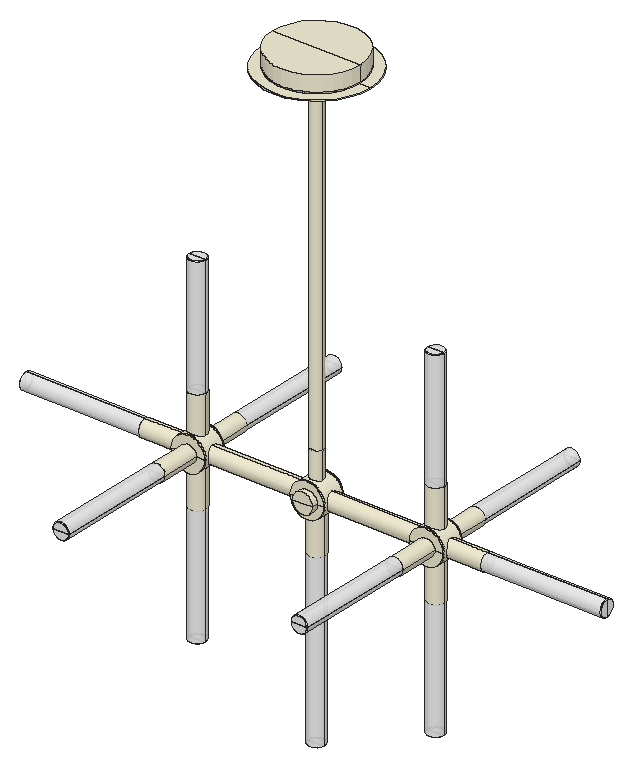
Revit family "3-603 Tali Pendant", category Lighting Fixtures, host Ceiling, Revit 2018
Family settings
  Host = Ceiling
  Round Connector Dimension = Use Diameter
  Part Type = Normal
  OmniClass Number = 23.80.70.11
  OmniClass Title = Luminaries for Internal Lighting
  Always vertical = Yes
  Cut with Voids When Loaded = No
  Light Source = Yes
  Shared = No
  Room Calculation Point = No
Parameters (values of type "3-603-24 / Satin Nickel - Clear Bubble Acrylic")
  Wattage Comments = "11 x 2.1w at 120 V"  # constant formula
  Wattage = 29.47 W
  built-in parameter 1150110 = 1 (stored number, unit not read)
  Voltage Input = "120 V or 277 V - 50/60 Hz"  # constant formula
  Voltage = 0 V
  URL = "www.oxygenlighting.com"
  built-in parameter 1114217 = 1 (stored number, unit not read)
  Tilt Angle = 90.00°  # constant formula
  built-in parameter 1150109 = 1 (stored number, unit not read)
  built-in parameter 1150134 = (empty or 0)
  built-in parameter 1150113 = 1 (stored number, unit not read)
  Reference = "Ref. 3 = 120 V / Ref. 37 = 277 V"  # constant formula
  Photometric Web File = "3-603-40 Tali.ies"
  Model = "3-603-xx Tali Pendant"  # constant formula
  Metal Finish = 24 - Satin Nickel
  Manufacturer = "Oxygen - Lighting & Fans"  # constant formula
  Lumens = 834.001 lm
  built-in parameter 1150115 = 1 (stored number, unit not read)
  built-in parameter 1150105 = 66.368 (stored number, unit not read)
  built-in parameter 1150137 = (empty or 0)
  built-in parameter 1150139 = (empty or 0)
  built-in parameter 1150112 = 1 (stored number, unit not read)
  built-in parameter 1150114 = 1 (stored number, unit not read)
  Lamp = "LED Array"  # constant formula
  built-in parameter 1150132 = (empty or 0)
  built-in parameter 1150102 = (empty or 0)
  built-in parameter 1150138 = (empty or 0)
  built-in parameter 1150107 = 3000 (stored number, unit not read)
  built-in parameter 1150106 = 0.66368 (stored number, unit not read)
  built-in parameter 1150104 = 2.6292 (stored number, unit not read)
  Dimming Lamp Color Temperature Shift = <None>
  Diffuser = Clear Bubble Acrylic
  Color Filter = 16777215
  built-in parameter 1114218 = 1 (stored number, unit not read)
  built-in parameter 1150133 = 10 (stored number, unit not read)
Types (3): name | Metal Finish
  (no name) | 24 - Satin Nickel
  3-603-24 / Satin Nickel - Clear Bubble Acrylic | 24 - Satin Nickel
  3-603-40 / Aged Brass - Clear Bubble Acrylic | 40 - Aged Brass
Reference planes (in)
  plane 1 "Light Source Axis (F/B)": y = 0
  plane 2 "Ceiling": z = 96
  plane 3 "Light Source Axis (L/R)": x = 0
  plane 4 "Light Source Elevation": z = 65.34823
  plane 5: x = 0.62992
  plane 6 "Pendant axis": z = 72.57889
  plane 7: x = 6.9685
  plane 8: x = -6.9685
Forms (in)
  Revolve 1, solid, material "24 - Satin Nickel" <- "Metal Finish"
    sketch origin (0, 0, 0) x (1, 0, 0) y (0, 0, 1)
      loop
        line (2.55906, 95.09449) -> (2.55906, 96) -> (0, 96) -> (0, 94.95669) -> (3.14961, 94.95669) -> (3.14961, 95.01575) -> (2.48031, 95.01575)
        arc (2.48031, 95.01575) -> (2.53599, 95.03881) -> (2.55906, 95.09449) r 0.07874
      axis (0, 96) -> (0, 94.95669)
    angle from 0 to 360
  Extrusion 2, solid, material "24 - Satin Nickel" <- "Metal Finish"
    sketch origin (0, 0, 96) x (1, 0, 0) y (0, 1, 0)
      loop
        line (0, 0.62992) -> (-0.05578, 0.58414) -> (-0.12289, 0.61782) -> (-0.17034, 0.56153) -> (-0.24106, 0.58197) -> (-0.27616, 0.51667) -> (-0.34997, 0.52376) -> (-0.37226, 0.4536) -> (-0.44542, 0.44542) -> (-0.45254, 0.37139) -> (-0.52376, 0.34997) -> (-0.51944, 0.27765) -> (-0.58197, 0.24106) -> (-0.56153, 0.17034) -> (-0.61782, 0.12289) -> (-0.58444, 0.05756) -> (-0.62992, 0) -> (-0.58444, -0.05756) -> (-0.61782, -0.12289) -> (-0.56153, -0.17034) -> (-0.58197, -0.24106) -> (-0.51944, -0.27765) -> (-0.52376, -0.34997) -> (-0.45254, -0.37139) -> (-0.44542, -0.44542) -> (-0.37226, -0.4536) -> (-0.34997, -0.52376) -> (-0.27616, -0.51667) -> (-0.24106, -0.58197) -> (-0.17034, -0.56153) -> (-0.12289, -0.61782) -> (-0.05578, -0.58414) -> (0, -0.62992) -> (0.05578, -0.58414) -> (0.12289, -0.61782) -> (0.17034, -0.56153) -> (0.24106, -0.58197) -> (0.27616, -0.51667) -> (0.34997, -0.52376) -> (0.37226, -0.4536) -> (0.44542, -0.44542) -> (0.45254, -0.37139) -> (0.52376, -0.34997) -> (0.51944, -0.27765) -> (0.58197, -0.24106) -> (0.56153, -0.17034) -> (0.61782, -0.12289) -> (0.58444, -0.05756) -> (0.62992, 0) -> (0.58444, 0.05756) -> (0.61782, 0.12289) -> (0.56153, 0.17034) -> (0.58197, 0.24106) -> (0.51944, 0.27765) -> (0.52376, 0.34997) -> (0.45254, 0.37139) -> (0.44542, 0.44542) -> (0.37226, 0.4536) -> (0.34997, 0.52376) -> (0.27616, 0.51667) -> (0.24106, 0.58197) -> (0.17034, 0.56153) -> (0.12289, 0.61782) -> (0.05578, 0.58414) -> (0, 0.62992)
    from -1.24016 to -1.04331
  Revolve 3, solid, material "24 - Satin Nickel" <- "Metal Finish"
    sketch origin (0, 0, 0) x (1, 0, 0) y (0, 0, 1)
      loop
        line (0, 94.75984) -> (0, 75.09858) -> (0.37402, 75.09858) -> (0.37402, 93.93307) -> (0.37402, 94.01181) -> (0.31496, 94.01181) -> (0.31496, 94.09055) -> (0.20669, 94.09055) -> (0.20669, 94.14961)
        arc (0.20669, 94.14961) -> (0.25783, 94.19435) -> (0.29948, 94.24803) r 0.35433
        line (0.29948, 94.24803) -> (0.43307, 94.24803) -> (0.43307, 94.6811) -> (0.47244, 94.72047) -> (0.47244, 94.75984) -> (0, 94.75984)
      axis (0, 94.75984) -> (0, 75.09858)
    angle from 0 to 360
  Revolve 4, solid, material "24 - Satin Nickel" <- "Metal Finish"
    sketch origin (0, 0, 0) x (1, 0, 0) y (0, 0, 1)
      loop
        line (0, 75.09858) -> (0, 73.20542) -> (0.37402, 73.20542) -> (0.37402, 75.09858) -> (0, 75.09858)
      axis (0, 73.20542) -> (0, 75.09858)
    angle from 0 to 360
  Revolve 5, solid, material "24 - Satin Nickel" <- "Metal Finish"
    sketch origin (0, 0, 0) x (1, 0, 0) y (0, 0, 1)
      loop
        line (0, 71.84823) -> (0, 69.5474) -> (0.49213, 69.5474) -> (0.49213, 71.84823) -> (0, 71.84823)
      axis (0, 69.5474) -> (0, 71.84823)
    angle from 0 to 360
  Extrusion 6, solid, material "24 - Satin Nickel" <- "Metal Finish"
    sketch origin (0, 0, 0) x (1, 0, 0) y (0, 0, 1)
      loop
        circle (0, 72.57889) r 0.98425
    from -0.62992 to 0.62992
  Revolve 7, solid, material "24 - Satin Nickel" <- "Metal Finish"
    sketch origin (0, 0, 72.57889) x (-1, 0, 0) y (0, -1, 0)
      loop
        line (0, -1.02362) -> (0, -0.62992) -> (-0.98425, -0.62992) -> (-0.98425, -0.70866) -> (-0.59055, -0.70866) -> (-0.59055, -1.02362) -> (0, -1.02362)
      axis (0, -1.02362) -> (0, -0.62992)
    angle from 0 to 360
  Revolve 8, solid, material "24 - Satin Nickel" <- "Metal Finish"
    sketch origin (0, 0, 72.57889) x (-1, 0, 0) y (0, -1, 0)
      loop
        line (0, 1.02362) -> (-0.59055, 1.02362) -> (-0.59055, 0.70866) -> (-0.98425, 0.70866) -> (-0.98425, 0.62992) -> (0, 0.62992) -> (0, 1.02362)
      axis (0, 1.02362) -> (0, 0.62992)
    angle from 0 to 360
  Revolve 9, solid, material "24 - Satin Nickel" <- "Metal Finish"
    sketch origin (0, 0, 0) x (1, 0, 0) y (0, 0, 1)
      loop
        line (10, 72.57889) -> (10, 73.07102) -> (-10, 73.07102) -> (-10, 72.57889) -> (10, 72.57889)
      axis (-10, 72.57889) -> (10, 72.57889)
    angle from 0 to 360
  Extrusion 10, solid, material "24 - Satin Nickel" <- "Metal Finish"
    sketch origin (-6.9685, 0, 0) x (1, 0, 0) y (0, 0, 1)
      loop
        circle (0, 72.57889) r 0.98425
    from -0.62992 to 0.62992
  Revolve 11, solid, material "24 - Satin Nickel" <- "Metal Finish"
    sketch origin (-6.9685, 0, 72.57889) x (-1, 0, 0) y (0, -1, 0)
      loop
        line (0, -2.99213) -> (0, -0.62992) -> (-0.98425, -0.62992) -> (-0.98425, -0.70866) -> (-0.49213, -0.70866) -> (-0.49213, -2.99213) -> (0, -2.99213)
      axis (0, -2.99213) -> (0, -0.62992)
    angle from 0 to 360
  Extrusion 12, solid, material "24 - Satin Nickel" <- "Metal Finish"
    sketch origin (6.9685, 0, 0) x (1, 0, 0) y (0, 0, 1)
      loop
        circle (0, 72.57889) r 0.98425
    from -0.62992 to 0.62992
  Revolve 13, solid, material "24 - Satin Nickel" <- "Metal Finish"
    sketch origin (6.9685, 0, 72.57889) x (1, 0, 0) y (0, -1, 0)
      loop
        line (0, -2.99213) -> (0, -0.62992) -> (-0.98425, -0.62992) -> (-0.98425, -0.70866) -> (-0.49213, -0.70866) -> (-0.49213, -2.99213) -> (0, -2.99213)
      axis (0, -2.99213) -> (0, -0.62992)
    angle from 0 to 360
  Revolve 14, solid, material "24 - Satin Nickel" <- "Metal Finish"
    sketch origin (-6.9685, 0, 72.57889) x (-1, 0, 0) y (0, 1, 0)
      loop
        line (0, -2.99213) -> (0, -0.62992) -> (-0.98425, -0.62992) -> (-0.98425, -0.70866) -> (-0.49213, -0.70866) -> (-0.49213, -2.99213) -> (0, -2.99213)
      axis (0, -2.99213) -> (0, -0.62992)
    angle from 0 to 360
  Revolve 15, solid, material "24 - Satin Nickel" <- "Metal Finish"
    sketch origin (6.9685, 0, 72.57889) x (1, 0, 0) y (0, 1, 0)
      loop
        line (0, -2.99213) -> (0, -0.62992) -> (-0.98425, -0.62992) -> (-0.98425, -0.70866) -> (-0.49213, -0.70866) -> (-0.49213, -2.99213) -> (0, -2.99213)
      axis (0, -2.99213) -> (0, -0.62992)
    angle from 0 to 360
  Revolve 16, solid, material "Clear Bubble Acrylic" <- "Diffuser"
    sketch origin (0, 0, 72.57889) x (-1, 0, 0) y (0, -1, 0)
      loop
        line (-6.9685, -10) -> (-6.9685, -2.99213) -> (-7.46063, -2.99213) -> (-7.46063, -9.96063) -> (-7.42126, -10) -> (-6.9685, -10)
      axis (-6.9685, -10) -> (-6.9685, -2.99213)
    angle from 0 to 360
  Revolve 17, solid, material "Clear Bubble Acrylic" <- "Diffuser"
    sketch origin (0, 0, 72.57889) x (-1, 0, 0) y (0, -1, 0)
      loop
        line (6.9685, -10) -> (7.42126, -10) -> (7.46063, -9.96063) -> (7.46063, -2.99213) -> (6.9685, -2.99213) -> (6.9685, -10)
      axis (6.9685, -10) -> (6.9685, -2.99213)
    angle from 0 to 360
  Revolve 18, solid, material "Clear Bubble Acrylic" <- "Diffuser"
    sketch origin (0, 0, 72.57889) x (-1, 0, 0) y (0, -1, 0)
      loop
        line (-6.9685, 10) -> (-7.42126, 10) -> (-7.46063, 9.96063) -> (-7.46063, 2.99213) -> (-6.9685, 2.99213) -> (-6.9685, 10)
      axis (-6.9685, 10) -> (-6.9685, 2.99213)
    angle from 0 to 360
  Revolve 19, solid, material "Clear Bubble Acrylic" <- "Diffuser"
    sketch origin (0, 0, 72.57889) x (-1, 0, 0) y (0, -1, 0)
      loop
        line (6.9685, 10) -> (6.9685, 2.99213) -> (7.46063, 2.99213) -> (7.46063, 9.96063) -> (7.42126, 10) -> (6.9685, 10)
      axis (6.9685, 10) -> (6.9685, 2.99213)
    angle from 0 to 360
  Revolve 20, solid, material "Clear Bubble Acrylic" <- "Diffuser"
    sketch origin (0, 0, 0) x (1, 0, 0) y (0, 0, 1)
      loop
        line (-6.9685, 75.61039) -> (-6.47638, 75.61039) -> (-6.47638, 82.57889) -> (-6.51575, 82.61826) -> (-6.9685, 82.61826) -> (-6.9685, 75.61039)
      axis (-6.9685, 82.61826) -> (-6.9685, 75.61039)
    angle from 0 to 360
  Revolve 21, solid, material "Clear Bubble Acrylic" <- "Diffuser"
    sketch origin (0, 0, 0) x (-1, 0, 0) y (0, 0, 1)
      loop
        line (-6.9685, 75.61039) -> (-6.47638, 75.61039) -> (-6.47638, 82.57889) -> (-6.51575, 82.61826) -> (-6.9685, 82.61826) -> (-6.9685, 75.61039)
      axis (-6.9685, 82.61826) -> (-6.9685, 75.61039)
    angle from 0 to 360
  Revolve 22, solid, material "Clear Bubble Acrylic" <- "Diffuser"
    sketch origin (0, 0, 145.15779) x (1, 0, 0) y (0, 0, -1)
      loop
        line (-6.9685, 75.61039) -> (-6.47638, 75.61039) -> (-6.47638, 82.57889) -> (-6.51575, 82.61826) -> (-6.9685, 82.61826) -> (-6.9685, 75.61039)
      axis (-6.9685, 82.61826) -> (-6.9685, 75.61039)
    angle from 0 to 360
  Revolve 23, solid, material "Clear Bubble Acrylic" <- "Diffuser"
    sketch origin (0, 0, 145.15779) x (-1, 0, 0) y (0, 0, -1)
      loop
        line (-6.9685, 75.61039) -> (-6.47638, 75.61039) -> (-6.47638, 82.57889) -> (-6.51575, 82.61826) -> (-6.9685, 82.61826) -> (-6.9685, 75.61039)
      axis (-6.9685, 82.61826) -> (-6.9685, 75.61039)
    angle from 0 to 360
  Revolve 24, solid, material "Clear Bubble Acrylic" <- "Diffuser"
    sketch origin (0, 0, 0) x (1, 0, 0) y (0, 0, 1)
      loop
        line (0, 69.5474) -> (0, 59.5474) -> (0.45276, 59.5474) -> (0.49213, 59.58677) -> (0.49213, 69.5474) -> (0, 69.5474)
      axis (0, 69.5474) -> (0, 59.5474)
    angle from 0 to 360
  Revolve 25, solid, material "24 - Satin Nickel" <- "Metal Finish"
    sketch origin (0, 0, 0) x (1, 0, 0) y (0, 0, 1)
      loop
        line (-6.9685, 75.61039) -> (-6.9685, 69.5474) -> (-6.47638, 69.5474) -> (-6.47638, 75.61039) -> (-6.9685, 75.61039)
      axis (-6.9685, 75.61039) -> (-6.9685, 69.5474)
    angle from 0 to 360
  Revolve 26, solid, material "24 - Satin Nickel" <- "Metal Finish"
    sketch origin (0, 0, 0) x (-1, 0, 0) y (0, 0, 1)
      loop
        line (-6.9685, 75.61039) -> (-6.9685, 69.5474) -> (-6.47638, 69.5474) -> (-6.47638, 75.61039) -> (-6.9685, 75.61039)
      axis (-6.9685, 75.61039) -> (-6.9685, 69.5474)
    angle from 0 to 360
  Revolve 27, solid, material "Clear Bubble Acrylic" <- "Diffuser"
    sketch origin (0, 0, 0) x (1, 0, 0) y (0, 0, 1)
      loop
        line (-17.00787, 72.57889) -> (-10, 72.57889) -> (-10, 73.07102) -> (-16.9685, 73.07102) -> (-17.00787, 73.03165) -> (-17.00787, 72.57889)
      axis (-17.00787, 72.57889) -> (-10, 72.57889)
    angle from 0 to 360
  Revolve 28, solid, material "Clear Bubble Acrylic" <- "Diffuser"
    sketch origin (0, 0, 0) x (-1, 0, 0) y (0, 0, 1)
      loop
        line (-17.00787, 72.57889) -> (-10, 72.57889) -> (-10, 73.07102) -> (-16.9685, 73.07102) -> (-17.00787, 73.03165) -> (-17.00787, 72.57889)
      axis (-17.00787, 72.57889) -> (-10, 72.57889)
    angle from 0 to 360
Cuts and joins
  joined: Revolve 4, Revolve 5, Extrusion 6, Revolve 9, Extrusion 10, Extrusion 12, Revolve 25, Revolve 26
Dimensions and locks (in)
  equal spacing: host sketch curve, plane 3 "Light Source Axis (L/R)", host sketch curve
  equal spacing: host sketch curve, plane 1 "Light Source Axis (F/B)", host sketch curve
  host sketch curve to host sketch curve = 10' - 0"  (x2)
  locked: plane 2 "Ceiling" to Revolve 1 sketch curve at 1.04331
  locked: Revolve 1 sketch curve to Revolve 1 sketch curve at 0.05906
  locked: Revolve 1 sketch curve to Revolve 1 sketch curve at 2.55906
  locked: Revolve 1 to Extrusion 2 at 0.19685
  equal spacing: Extrusion 6, plane 1 "Light Source Axis (F/B)", Extrusion 6, locked at 0.62992 each
  locked: cut or joined group of Revolve 4, Revolve 5, Extrusion 6, Revolve 9, Extrusion 10, Extrusion 12, Revolve 25, Revolve 26 to Revolve 7 sketch curve at 0.07874
  locked: Revolve 7 sketch curve to Revolve 7 sketch curve at 0.59055
  locked: Revolve 8 sketch curve to Revolve 8 sketch curve at 0.59055
  locked: plane 2 "Ceiling" to plane 6 "Pendant axis" at 23.42111
  locked: Revolve 9 sketch curve to Revolve 9 sketch curve at 0.49213
  equal spacing: Revolve 9 sketch curve, imposter light, Revolve 9 sketch curve, locked at 10 each
  Extrusion 10 to Extrusion 10 = 0' - 1.25984"
  locked: Revolve 11 sketch curve to Revolve 11 sketch curve at 0.49213
  locked: Revolve 11 sketch curve to Extrusion 10 at 2.3622
  locked: Revolve 13 sketch curve to Revolve 13 sketch curve at 0.49213
  locked: Revolve 14 sketch curve to Revolve 14 sketch curve at 0.49213
  locked: Revolve 15 sketch curve to Revolve 15 sketch curve at 0.49213
  locked: Revolve 16 sketch curve to Revolve 16 sketch curve at 0.49213
  locked: Revolve 13 to Revolve 16 sketch curve at 7.00787
  locked: Revolve 17 sketch curve to Revolve 17 sketch curve at 0.49213
  locked: Revolve 18 sketch curve to Revolve 18 sketch curve at 0.49213
  locked: Revolve 19 sketch curve to Revolve 19 sketch curve at 0.49213
  locked: cut or joined group of Revolve 4, Revolve 5, Extrusion 6, Revolve 9, Extrusion 10, Extrusion 12, Revolve 25, Revolve 26 to Revolve 24 sketch curve at 10
  locked: Revolve 24 sketch curve to Revolve 24 sketch curve at 0.49213
  locked: Revolve 25 sketch curve to Revolve 25 sketch curve at 0.49213
  locked: Revolve 26 sketch curve to Revolve 26 sketch curve at 0.49213
  locked: Revolve 27 sketch curve to Revolve 27 sketch curve at 0.49213
  locked: Revolve 27 sketch curve to cut or joined group of Revolve 4, Revolve 5, Extrusion 6, Revolve 9, Extrusion 10, Extrusion 12, Revolve 25, Revolve 26 at 7.00787
  locked: Revolve 28 sketch curve to Revolve 28 sketch curve at 0.49213
  aligned and locked: plane 3 "Light Source Axis (L/R)" to imposter light
  aligned and locked: plane 1 "Light Source Axis (F/B)" to imposter light
  aligned and locked: plane 4 "Light Source Elevation" to imposter light
  aligned and locked: Revolve 1 sketch curve to plane 3 "Light Source Axis (L/R)"
  aligned and locked: Revolve 1 sketch curve to host ceiling
  aligned and locked: Revolve 1 sketch curve to Revolve 1 sketch curve
  aligned and locked: Revolve 1 to Extrusion 2
  aligned and locked: Revolve 3 sketch curve to plane 3 "Light Source Axis (L/R)"
  aligned and locked: Revolve 4 sketch curve to Revolve 3
  aligned and locked: Revolve 7 sketch curve to plane 3 "Light Source Axis (L/R)"
  aligned and locked: Revolve 7 sketch curve to Revolve 7 sketch curve
  aligned and locked: Revolve 7 sketch curve to cut or joined group of Revolve 4, Revolve 5, Extrusion 6, Revolve 9, Extrusion 10, Extrusion 12, Revolve 25, Revolve 26
  aligned and locked: Revolve 8 sketch curve to Revolve 8 sketch curve
  aligned and locked: Revolve 9 sketch curve to plane 6 "Pendant axis"
  aligned and locked: Revolve 9 sketch curve to Revolve 9 sketch curve
  aligned and locked: Revolve 11 sketch curve to Revolve 11 sketch curve
  aligned and locked: Revolve 13 sketch curve to Revolve 13 sketch curve
  aligned and locked: Revolve 13 sketch curve to plane 7
  aligned and locked: Revolve 14 sketch curve to Revolve 14 sketch curve
  aligned and locked: Revolve 15 sketch curve to Revolve 15 sketch curve
  aligned and locked: Revolve 16 sketch curve to plane 7
  aligned and locked: Revolve 16 sketch curve to Revolve 16 sketch curve
  aligned and locked: Revolve 13 to Revolve 16 sketch curve
  aligned and locked: Revolve 17 sketch curve to Revolve 17 sketch curve
  aligned and locked: Revolve 17 sketch curve to plane 8
  aligned and locked: Revolve 18 sketch curve to Revolve 18 sketch curve
  aligned and locked: Revolve 19 sketch curve to Revolve 19 sketch curve
  aligned and locked: Revolve 20 sketch curve to plane 8
  aligned and locked: Revolve 20 sketch curve to Revolve 20 sketch curve
  aligned and locked: Revolve 21 sketch curve to Revolve 21 sketch curve
  aligned and locked: Revolve 21 sketch curve to plane 7
  aligned and locked: Revolve 22 sketch curve to Revolve 22 sketch curve
  aligned and locked: Revolve 23 sketch curve to Revolve 23 sketch curve
  aligned and locked: Revolve 24 sketch curve to plane 3 "Light Source Axis (L/R)"
  aligned and locked: Revolve 24 sketch curve to Revolve 24 sketch curve
  aligned and locked: Revolve 24 sketch curve to cut or joined group of Revolve 4, Revolve 5, Extrusion 6, Revolve 9, Extrusion 10, Extrusion 12, Revolve 25, Revolve 26
  aligned and locked: Revolve 25 sketch curve to plane 8
  aligned and locked: Revolve 25 sketch curve to Revolve 20
  aligned and locked: Revolve 25 sketch curve to Revolve 25 sketch curve
  aligned and locked: Revolve 25 sketch curve to Revolve 22
  aligned and locked: Revolve 26 sketch curve to Revolve 26 sketch curve
  aligned and locked: Revolve 26 sketch curve to plane 7
  aligned and locked: Revolve 27 sketch curve to plane 6 "Pendant axis"
  aligned and locked: Revolve 27 sketch curve to Revolve 27 sketch curve
  aligned and locked: Revolve 27 sketch curve to cut or joined group of Revolve 4, Revolve 5, Extrusion 6, Revolve 9, Extrusion 10, Extrusion 12, Revolve 25, Revolve 26
  aligned and locked: Revolve 28 sketch curve to Revolve 28 sketch curve
  aligned and locked: Revolve 28 sketch curve to plane 6 "Pendant axis"
Automatic sketch dimensions
  Revolve 1 sketch curve to Revolve 1 sketch curve = 0' - 0.07874"  (x2)
  Revolve 1 sketch curve to Revolve 1 sketch curve = 0' - 0.59055"
  Revolve 1 sketch curve to Revolve 1 sketch curve = 0' - 0"
  Revolve 1 sketch curve to level = 1' - 0"
  Revolve 1 sketch curve to Revolve 1 sketch curve = 1' - 0.77302"
  plane 1 "Light Source Axis (F/B)" to Extrusion 2 sketch curve = 0' - 0"  (x2)
  Extrusion 2 sketch curve to plane 3 "Light Source Axis (L/R)" = 0' - 0"  (x2)
  Extrusion 2 sketch curve to plane 5 = 0' - 0"
  Extrusion 2 sketch curve to plane 3 "Light Source Axis (L/R)" = 0' - 0.05578"  (x2)
  Extrusion 2 sketch curve to Extrusion 2 sketch curve = 0' - 0.06711"  (x4)
  Extrusion 2 sketch curve to Extrusion 2 sketch curve = 0' - 0.04745"  (x6)
  Extrusion 2 sketch curve to Extrusion 2 sketch curve = 0' - 0.07072"  (x6)
  Extrusion 2 sketch curve to Extrusion 2 sketch curve = 0' - 0.0351"  (x4)
  Extrusion 2 sketch curve to Extrusion 2 sketch curve = 0' - 0.0738"  (x4)
  Extrusion 2 sketch curve to Extrusion 2 sketch curve = 0' - 0.0223"  (x4)
  Extrusion 2 sketch curve to Extrusion 2 sketch curve = 0' - 0.07316"  (x4)
  Extrusion 2 sketch curve to Extrusion 2 sketch curve = 0' - 0.00711"  (x4)
  Extrusion 2 sketch curve to Extrusion 2 sketch curve = 0' - 0.0669"  (x2)
  Extrusion 2 sketch curve to Extrusion 2 sketch curve = 0' - 0.00432"  (x4)
  plane 1 "Light Source Axis (F/B)" to Extrusion 2 sketch curve = 0' - 0.17034"
  Extrusion 2 sketch curve to Extrusion 2 sketch curve = 0' - 0.0421"  (x2)
  Extrusion 2 sketch curve to plane 1 "Light Source Axis (F/B)" = 0' - 0.17034"
  plane 1 "Light Source Axis (F/B)" to Extrusion 2 sketch curve = 0' - 0.24106"  (x2)
  Extrusion 2 sketch curve to Extrusion 2 sketch curve = 0' - 0.06253"  (x2)
  Extrusion 2 sketch curve to plane 1 "Light Source Axis (F/B)" = 0' - 0.24106"
  Extrusion 2 sketch curve to plane 1 "Light Source Axis (F/B)" = 0' - 0.05756"  (x2)
  Extrusion 2 sketch curve to Extrusion 2 sketch curve = 0' - 0.0229"  (x2)
  plane 1 "Light Source Axis (F/B)" to Extrusion 2 sketch curve = 0' - 0.05756"  (x2)
  Extrusion 2 sketch curve to plane 1 "Light Source Axis (F/B)" = 0' - 0.12289"
  Extrusion 2 sketch curve to Extrusion 2 sketch curve = 0' - 0.03338"  (x2)
  plane 1 "Light Source Axis (F/B)" to Extrusion 2 sketch curve = 0' - 0.12289"
  Extrusion 2 sketch curve to Extrusion 2 sketch curve = 0' - 0.04548"
  plane 3 "Light Source Axis (L/R)" to Extrusion 2 sketch curve = 0' - 0.05578"  (x2)
  Extrusion 2 sketch curve to plane 5 = 0' - 0.11048"  (x2)
  Extrusion 2 sketch curve to plane 5 = 0' - 0.06839"  (x2)
  Extrusion 2 sketch curve to plane 5 = 0' - 0.04795"  (x2)
  Extrusion 2 sketch curve to plane 5 = 0' - 0.04548"  (x2)
  Extrusion 2 sketch curve to plane 5 = 0' - 0.0121"  (x2)
  Extrusion 2 sketch curve to Extrusion 2 sketch curve = 0' - 0.03659"  (x4)
  Extrusion 2 sketch curve to Extrusion 2 sketch curve = 0' - 0.07232"  (x4)
  Extrusion 2 sketch curve to Extrusion 2 sketch curve = 0' - 0.02142"  (x4)
  Extrusion 2 sketch curve to Extrusion 2 sketch curve = 0' - 0.07403"  (x4)
  Extrusion 2 sketch curve to Extrusion 2 sketch curve = 0' - 0.00818"  (x4)
  Extrusion 2 sketch curve to Extrusion 2 sketch curve = 0' - 0.06306"  (x4)
  Extrusion 2 sketch curve to Extrusion 2 sketch curve = 0' - 0.07016"  (x4)
  Extrusion 2 sketch curve to Extrusion 2 sketch curve = 0' - 0.04487"  (x4)
  Extrusion 2 sketch curve to Extrusion 2 sketch curve = 0' - 0.02044"  (x4)
  Extrusion 2 sketch curve to Extrusion 2 sketch curve = 0' - 0.02261"  (x2)
  Extrusion 2 sketch curve to Extrusion 2 sketch curve = 0' - 0"  (x2)
  Extrusion 2 sketch curve to Extrusion 2 sketch curve = 0' - 0.05628"  (x4)
  Extrusion 2 sketch curve to Extrusion 2 sketch curve = 0' - 0.04578"  (x2)
  Extrusion 2 sketch curve to Extrusion 2 sketch curve = 0' - 0.06533"
  Revolve 3 sketch curve to plane 3 "Light Source Axis (L/R)" = 0' - 0"  (x2)
  plane 3 "Light Source Axis (L/R)" to Revolve 3 sketch curve = 0' - 0.20669"
  Revolve 3 sketch curve to Revolve 3 sketch curve = 0' - 0.09279"
  Revolve 3 sketch curve to Revolve 3 sketch curve = 0' - 0.10827"
  Revolve 3 sketch curve to Revolve 3 sketch curve = 0' - 0.05906"  (x2)
  Revolve 3 sketch curve to plane 5 = 0' - 0.19685"
  Revolve 3 sketch curve to Revolve 3 sketch curve = 0' - 0.03937"  (x3)
  plane 6 "Pendant axis" to Revolve 3 sketch curve = 0' - 2.51969"
  Revolve 3 sketch curve to plane 2 "Ceiling" = 0' - 2.06693"
  Revolve 3 sketch curve to Revolve 3 sketch curve = 0' - 0.07874"  (x2)
  Revolve 3 sketch curve to Revolve 3 sketch curve = 0' - 0.15748"
  Revolve 3 sketch curve to Revolve 3 sketch curve = 0' - 0.43307"
  Revolve 3 sketch curve to level = 1' - 0"
  plane 2 "Ceiling" to Revolve 3 sketch curve = 1' - 0.77302"
  Revolve 4 sketch curve to plane 3 "Light Source Axis (L/R)" = 0' - 0"  (x2)
  Revolve 4 sketch curve to plane 5 = 0' - 0.25591"
  plane 6 "Pendant axis" to Revolve 4 sketch curve = 0' - 0.62653"
  plane 4 "Light Source Elevation" to Revolve 4 sketch curve = 1' - 0"
  Revolve 4 sketch curve to Revolve 4 sketch curve = 0' - 2.24965"
  Revolve 5 sketch curve to plane 3 "Light Source Axis (L/R)" = 0' - 0"  (x2)
  Revolve 5 sketch curve to plane 5 = 0' - 0.1378"
  Revolve 5 sketch curve to plane 6 "Pendant axis" = 0' - 3.0315"
  Revolve 5 sketch curve to plane 6 "Pendant axis" = 0' - 0.73066"
  plane 4 "Light Source Elevation" to Revolve 5 sketch curve = 1' - 0"
  plane 6 "Pendant axis" to Revolve 5 sketch curve = 0' - 4.76934"
  Extrusion 6 sketch curve to Extrusion 6 sketch curve = 0' - 0"  (x2)
  Extrusion 6 sketch curve to plane 3 "Light Source Axis (L/R)" = 0' - 0"
  Extrusion 6 sketch curve to plane 6 "Pendant axis" = 0' - 0"
  Extrusion 6 sketch curve to plane 6 "Pendant axis" = 0' - 0.98425"
  plane 5 to Revolve 7 sketch curve = 0' - 0.35433"
  Revolve 7 sketch curve to Revolve 7 sketch curve = 0' - 0.31496"
  Revolve 7 sketch curve to Revolve 7 sketch curve = 4' - 10.97638"
  plane 1 "Light Source Axis (F/B)" to Revolve 7 sketch curve = 5' - 0"
  Revolve 8 sketch curve to plane 3 "Light Source Axis (L/R)" = 0' - 0"
  plane 5 to Revolve 8 sketch curve = 0' - 0.35433"
  plane 1 "Light Source Axis (F/B)" to Revolve 8 sketch curve = 0' - 0.62992"
  Revolve 8 sketch curve to Revolve 8 sketch curve = 0' - 0.07874"
  Revolve 8 sketch curve to Revolve 8 sketch curve = 0' - 0.31496"
  Revolve 8 sketch curve to plane 1 "Light Source Axis (F/B)" = 5' - 0"
  Revolve 8 sketch curve to Revolve 8 sketch curve = 4' - 10.97638"
  Revolve 9 sketch curve to plane 8 = 0' - 3.0315"
  Revolve 9 sketch curve to Revolve 9 sketch curve = 3' - 4.48559"
  Revolve 9 sketch curve to Revolve 9 sketch curve = 2' - 10.74612"
  Extrusion 10 sketch curve to Extrusion 10 sketch curve = 0' - 0"  (x2)
  Extrusion 10 sketch curve to plane 8 = 0' - 0"
  Extrusion 10 sketch curve to plane 6 "Pendant axis" = 0' - 0"
  Extrusion 10 sketch curve to plane 6 "Pendant axis" = 0' - 0.98425"
  Revolve 11 sketch curve to plane 8 = 0' - 0"
  Revolve 11 sketch curve to Revolve 11 sketch curve = 0' - 0.49213"
  Revolve 11 sketch curve to plane 1 "Light Source Axis (F/B)" = 0' - 0.70866"
  Revolve 11 sketch curve to Revolve 11 sketch curve = 0' - 0.07874"
  Revolve 11 sketch curve to Revolve 11 sketch curve = 4' - 9.00787"
  plane 1 "Light Source Axis (F/B)" to Revolve 11 sketch curve = 5' - 0"
  Extrusion 12 sketch curve to Extrusion 12 sketch curve = 0' - 0"  (x2)
  Extrusion 12 sketch curve to plane 7 = 0' - 0"
  Extrusion 12 sketch curve to plane 6 "Pendant axis" = 0' - 0"
  Extrusion 12 sketch curve to plane 6 "Pendant axis" = 0' - 0.98425"
  Revolve 13 sketch curve to Revolve 13 sketch curve = 0' - 0.49213"
  plane 1 "Light Source Axis (F/B)" to Revolve 13 sketch curve = 0' - 2.99213"
  plane 1 "Light Source Axis (F/B)" to Revolve 13 sketch curve = 0' - 0.70866"
  Revolve 13 sketch curve to Revolve 13 sketch curve = 0' - 0.07874"
  Revolve 13 sketch curve to Revolve 13 sketch curve = 4' - 9.00787"
  Revolve 13 sketch curve to plane 1 "Light Source Axis (F/B)" = 5' - 0"
  Revolve 14 sketch curve to plane 8 = 0' - 0"
  Revolve 14 sketch curve to Revolve 14 sketch curve = 0' - 0.49213"
  Revolve 14 sketch curve to plane 1 "Light Source Axis (F/B)" = 0' - 2.99213"
  Revolve 14 sketch curve to plane 1 "Light Source Axis (F/B)" = 0' - 0.70866"
  Revolve 14 sketch curve to Revolve 14 sketch curve = 0' - 0.07874"
  Revolve 14 sketch curve to Revolve 14 sketch curve = 4' - 9.00787"
  plane 1 "Light Source Axis (F/B)" to Revolve 14 sketch curve = 5' - 0"
  Revolve 15 sketch curve to plane 7 = 0' - 0"
  Revolve 15 sketch curve to Revolve 15 sketch curve = 0' - 0.49213"
  plane 1 "Light Source Axis (F/B)" to Revolve 15 sketch curve = 0' - 2.99213"
  plane 1 "Light Source Axis (F/B)" to Revolve 15 sketch curve = 0' - 0.70866"
  Revolve 15 sketch curve to Revolve 15 sketch curve = 0' - 0.07874"
  Revolve 15 sketch curve to Revolve 15 sketch curve = 4' - 9.00787"
  Revolve 15 sketch curve to plane 1 "Light Source Axis (F/B)" = 5' - 0"
  Revolve 16 sketch curve to Revolve 16 sketch curve = 0' - 0.03937"  (x2)
  Revolve 16 sketch curve to Revolve 16 sketch curve = 0' - 4.2829"
  plane 1 "Light Source Axis (F/B)" to Revolve 16 sketch curve = 1' - 2.19796"
  Revolve 17 sketch curve to Revolve 17 sketch curve = 0' - 0.03937"  (x2)
  Revolve 17 sketch curve to plane 1 "Light Source Axis (F/B)" = 0' - 10"
  Revolve 17 sketch curve to plane 1 "Light Source Axis (F/B)" = 0' - 2.99213"
  Revolve 17 sketch curve to Revolve 17 sketch curve = 0' - 4.2829"
  plane 1 "Light Source Axis (F/B)" to Revolve 17 sketch curve = 1' - 2.19796"
  Revolve 18 sketch curve to plane 7 = 0' - 0"
  Revolve 18 sketch curve to Revolve 18 sketch curve = 0' - 0.03937"  (x2)
  plane 1 "Light Source Axis (F/B)" to Revolve 18 sketch curve = 0' - 2.99213"
  Revolve 18 sketch curve to Revolve 18 sketch curve = 0' - 6.9685"
  Revolve 18 sketch curve to plane 1 "Light Source Axis (F/B)" = 1' - 2.19796"
  Revolve 18 sketch curve to Revolve 18 sketch curve = 0' - 4.2829"
  Revolve 19 sketch curve to plane 8 = 0' - 0"
  Revolve 19 sketch curve to Revolve 19 sketch curve = 0' - 0.03937"  (x2)
  plane 1 "Light Source Axis (F/B)" to Revolve 19 sketch curve = 0' - 2.99213"
  Revolve 19 sketch curve to Revolve 19 sketch curve = 0' - 6.9685"
  Revolve 19 sketch curve to plane 1 "Light Source Axis (F/B)" = 1' - 2.19796"
  Revolve 19 sketch curve to Revolve 19 sketch curve = 0' - 4.2829"
  Revolve 20 sketch curve to plane 2 "Ceiling" = 0' - 0"
  plane 8 to Revolve 20 sketch curve = 0' - 0.45276"
  plane 8 to Revolve 20 sketch curve = 0' - 0.49213"
  Revolve 20 sketch curve to Revolve 20 sketch curve = 0' - 6.9685"
  Revolve 20 sketch curve to Revolve 20 sketch curve = 0' - 0.03937"
  Revolve 20 sketch curve to level = 1' - 0"
  Revolve 21 sketch curve to plane 2 "Ceiling" = 0' - 0"
  Revolve 21 sketch curve to Revolve 21 sketch curve = 0' - 0.45276"
  Revolve 21 sketch curve to Revolve 21 sketch curve = 0' - 0.49213"
  Revolve 21 sketch curve to plane 6 "Pendant axis" = 0' - 10.03937"
  Revolve 21 sketch curve to Revolve 21 sketch curve = 0' - 0.03937"
  Revolve 21 sketch curve to plane 6 "Pendant axis" = 0' - 3.0315"
  level to Revolve 21 sketch curve = 1' - 0"
  Revolve 22 sketch curve to plane 8 = 0' - 0"
  Revolve 22 sketch curve to plane 8 = 0' - 0.45276"
  Revolve 22 sketch curve to plane 8 = 0' - 0.49213"
  plane 6 "Pendant axis" to Revolve 22 sketch curve = 0' - 3.0315"
  Revolve 22 sketch curve to plane 4 "Light Source Elevation" = 0' - 2.76934"
  Revolve 22 sketch curve to Revolve 22 sketch curve = 0' - 0.03937"
  Revolve 22 sketch curve to plane 2 "Ceiling" = 5' - 1.15779"
  Revolve 22 sketch curve to Revolve 22 sketch curve = 1' - 1.38174"
  Revolve 23 sketch curve to plane 7 = 0' - 0"
  Revolve 23 sketch curve to Revolve 23 sketch curve = 0' - 0.45276"
  Revolve 23 sketch curve to Revolve 23 sketch curve = 0' - 0.49213"
  Revolve 23 sketch curve to plane 6 "Pendant axis" = 0' - 3.0315"
  plane 4 "Light Source Elevation" to Revolve 23 sketch curve = 0' - 2.76934"
  Revolve 23 sketch curve to Revolve 23 sketch curve = 0' - 0.03937"
  plane 2 "Ceiling" to Revolve 23 sketch curve = 5' - 1.15779"
  Revolve 23 sketch curve to Revolve 23 sketch curve = 1' - 1.38174"
  Revolve 24 sketch curve to Revolve 24 sketch curve = 0' - 0.03937"  (x2)
  Revolve 24 sketch curve to level = 1' - 0"
  plane 2 "Ceiling" to Revolve 24 sketch curve = 1' - 0.77302"
  Revolve 25 sketch curve to plane 2 "Ceiling" = 0' - 0"
  Revolve 25 sketch curve to level = 1' - 0"
  Revolve 26 sketch curve to plane 2 "Ceiling" = 0' - 0"
  Revolve 26 sketch curve to plane 6 "Pendant axis" = 0' - 3.0315"
  plane 6 "Pendant axis" to Revolve 26 sketch curve = 0' - 3.0315"
  level to Revolve 26 sketch curve = 1' - 0"
  Revolve 27 sketch curve to Revolve 27 sketch curve = 0' - 0.03937"  (x2)
  Revolve 27 sketch curve to Revolve 27 sketch curve = 2' - 9.47772"
  plane 7 to Revolve 27 sketch curve = 3' - 1.53538"
  Revolve 28 sketch curve to plane 7 = 0' - 10.03937"
  Revolve 28 sketch curve to Revolve 28 sketch curve = 0' - 0.03937"
  Revolve 28 sketch curve to plane 7 = 0' - 3.0315"
  Revolve 28 sketch curve to plane 6 "Pendant axis" = 0' - 0.45276"
  Revolve 28 sketch curve to Revolve 28 sketch curve = 2' - 9.47772"
  plane 8 to Revolve 28 sketch curve = 3' - 1.53538"
  plane 6 "Pendant axis" to Revolve 20 sketch curve = 0' - 3.0315"
Connectors (in)
  electrical at (0, 0, 96), driven by "Voltage"
    settings: on Revolve 1, index 1, voltage 0 V, apparent load 0 VA, apparent load phase1 0 VA, apparent load phase2 0 VA, apparent load phase3 0 VA, power factor 1, load classification "Other", number of poles 1, system type 31, power factor state 1, is connector primary yes, connector utility no, sub classification motor no, connector description ""
